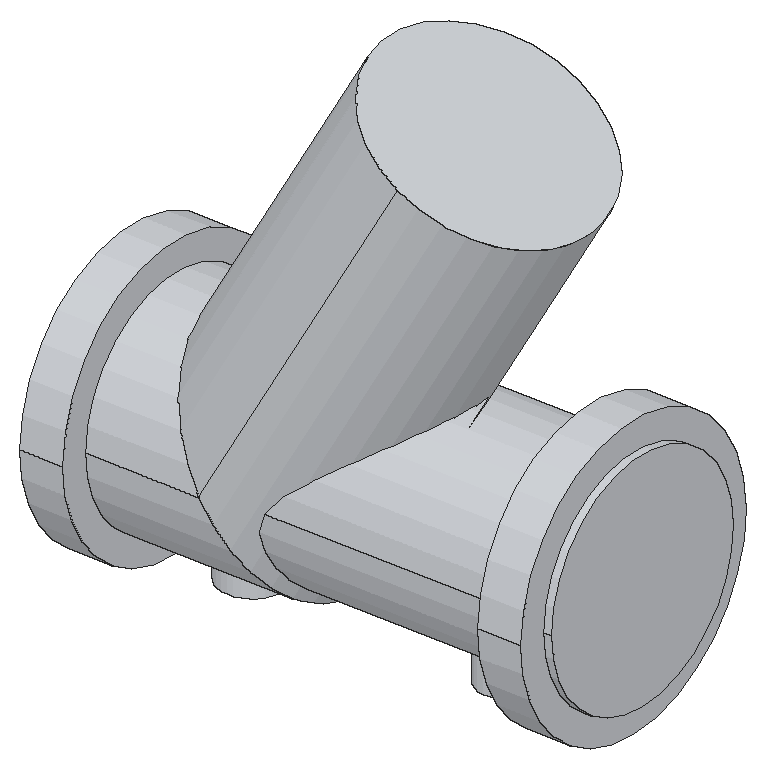
Revit family "HS 821-síto_jemné-PN16-DN300-RFA_2018", category Pipe Accessories, Revit 2018
Family settings
  Round Connector Dimension = Use Diameter
  Part Type = Breaks Into
  Work Plane-Based = No
  Always vertical = Yes
  Cut with Voids When Loaded = No
  Shared = No
Parameters (values of type "821A-DN300-PN16-síto_jemné")
  magiProductId = "9ad0af747269428da925480d83ce80"
  magiProductFamilyId = "79214ac3aaa945e397802f559f5c1e"
  magiPartTypeId = 307
  isMeasuringValve [instance] = no
  ang2D [instance] = 0.00°
  ZB__ve = -ZB  # -71 mm
  ZB1 = 149.85 mm
  ZB = 71 mm
  X2 = 325.914 mm
  X1 = 119 mm
  W2D = 15 mm
  VersionID = "2.0/2017.9.26.1/ZETKAMA_821_001"
  Use Minimum Symbol Size [instance] = yes
  URL = "www.hydronix.cz"
  Type Comments = "Filtr přírubový; síto jemné; A-PN16 (-10~300°C); D-PN25 (-10~350°C); F-PN40 (-10~400°C)"
  S = 370 mm
  QmdConnectorList = "301;D;302;D"
  Productdata [instance] = ""
  Manufacturer = "Hydronix"
  MC Product Code = "210 195 (821A; DN300; PN16; kvs1902,4; oko síta 0,63mm)"
  LM1 = 68 mm
  LM = 680 mm
  L4 = 212.5 mm
  L2D_Min = 3048 mm
  L2D = 130 mm
  L2 = 425 mm
  HH2 = 564.5 mm
  FD = 460 mm
  Description = "Filtr přírubový; síto jemné; 821A-PN16; 821D-PN25; 821F-PN40"
  DM1 = 369.6 mm
  DM = 333 mm
  D = 300 mm
  CC = 14.45 mm
  CAT0 = yes
  C1 = 70.55 mm
  C = 85 mm
  BD = 104.895 mm
Types (40, lengths in mm): name | magiProductId | ZB__ve | ZB1 | ZB | X2 | X1 | S | MC Product Code | LM1 | LM | L4 | L2 | HH2 | FD | DM1 | DM | D | CC | C1 | C | BD
  821A-DN015-PN16-síto_jemné | "a71bcfe8b393460598b23e8ddf7dc5" | -16.25 | 18.63 | 16.25 | 46.982 | 18.2 | 46 | "210 115 (821A; DN015; PN16; kvs6,2; oko síta 0,63mm)" | 10.4 | 104 | 32.5 | 65 | 81.375 | 95 | 27.6 | 41.4 | 15 | 2.21 | 10.79 | 13 | 13.041
  821A-DN020-PN16-síto_jemné | "41cd6c7a12924f4991217528336076" | -17.75 | 22.68 | 17.75 | 51.673 | 21 | 56 | "210 120 (821A; DN020; PN16; kvs9,6; oko síta 0,63mm)" | 12 | 120 | 37.5 | 75 | 89.5 | 105 | 33.6 | 50.4 | 20 | 2.55 | 12.45 | 15 | 15.876
  821A-DN025-PN16-síto_jemné | "be378b463ed14c3abf4c9b3ae8cf3a" | -19.25 | 26.325 | 19.25 | 58.601 | 22.4 | 65 | "210 125 (821A; DN025; PN16; kvs14,2; oko síta 0,63mm)" | 12.8 | 128 | 40 | 80 | 101.5 | 115 | 43.2 | 58.5 | 25 | 2.72 | 13.28 | 16 | 18.427
  821A-DN032-PN16-síto_jemné | "227a0d18b21540afabe8b6067d35fa" | -23 | 30.78 | 23 | 68.849 | 25.2 | 76 | "210 132 (821A; DN032; PN16; kvs23,1; oko síta 0,63mm)" | 14.4 | 144 | 45 | 90 | 119.25 | 140 | 50.4 | 68.4 | 32 | 3.06 | 14.94 | 18 | 21.546
  821A-DN040-PN16-síto_jemné | "d106917c74724141a10440112d0102" | -24.5 | 34.02 | 24.5 | 75.777 | 28 | 84 | "210 140 (821A; DN040; PN16; kvs36,6; oko síta 0,63mm)" | 16 | 160 | 50 | 100 | 131.25 | 150 | 60 | 75.6 | 40 | 3.4 | 16.6 | 20 | 23.814
  821A-DN050-PN16-síto_jemné | "8255d456a09e4f6486734f5dd9171b" | -26.75 | 40.095 | 26.75 | 79.061 | 32.2 | 99 | "210 150 (821A; DN050 PN16; kvs53,7; oko síta 0,63mm)" | 18.4 | 184 | 57.5 | 115 | 136.938 | 165 | 73.8 | 89.1 | 50 | 3.91 | 19.09 | 23 | 28.066
  821A-DN065-PN16-síto_jemné | "235b1b3e4c0843779a4d5e3716d40a" | -29.75 | 47.79 | 29.75 | 86.927 | 40.6 | 118 | "210 165 (821A; DN065; PN16; kvs95,1; oko síta 0,63mm)" | 23.2 | 232 | 72.5 | 145 | 150.562 | 185 | 94.2 | 106.2 | 65 | 4.93 | 24.07 | 29 | 33.453
  821A-DN080-PN16-síto_jemné | "a067f7c5236348ed8c820d16df7214" | -32 | 53.46 | 32 | 104.753 | 43.4 | 132 | "210 180 (821A; DN080; PN16; kvs137,1; oko síta 0,63mm)" | 24.8 | 248 | 77.5 | 155 | 181.438 | 200 | 107.4 | 118.8 | 80 | 5.27 | 25.73 | 31 | 37.422
  821A-DN100-PN16-síto_jemné | "c49a648c2747461285837d643703cd" | -35 | 63.18 | 35 | 114.857 | 49 | 156 | "210 190 (821A; DN100; PN16; kvs206,4; oko síta 0,63mm)" | 28 | 280 | 87.5 | 175 | 198.937 | 220 | 131.4 | 140.4 | 100 | 5.95 | 29.05 | 35 | 44.226
  821A-DN125-PN16-síto_jemné | "bf68e728a163493cbd2a663b26ebdc" | -39.5 | 74.52 | 39.5 | 131.888 | 56 | 184 | "210 191 (821A; DN125; PN16; kvs268,8; oko síta 0,63mm)" | 32 | 320 | 100 | 200 | 228.438 | 250 | 165 | 165.6 | 125 | 6.8 | 33.2 | 40 | 52.164
  821A-DN150-PN16-síto_jemné | "2de770284b654863ae6bc865769dc5" | -44.75 | 85.455 | 44.75 | 155.885 | 67.2 | 211 | "210 192 (821A; DN150; PN16; kvs401,4; oko síta 0,63mm)" | 38.4 | 384 | 120 | 240 | 270 | 285 | 192 | 189.9 | 150 | 8.16 | 39.84 | 48 | 59.818
  821A-DN200-PN16-síto_jemné | "8e5693371ab64aabb29a7f08c76e15" | -53 | 107.73 | 53 | 188.361 | 84 | 266 | "210 193 (821A; DN200; PN16; kvs706,7; oko síta 0,63mm)" | 48 | 480 | 150 | 300 | 326.25 | 340 | 252 | 239.4 | 200 | 10.2 | 49.8 | 60 | 75.411
  821A-DN250-PN16-síto_jemné | "05e37ed948c34047acdd4c42556504" | -62.75 | 129.195 | 62.75 | 255.911 | 102.2 | 319 | "210 194 (821A; DN250; PN16; kvs1229,4; oko síta 0,63mm)" | 58.4 | 584 | 182.5 | 365 | 443.25 | 405 | 309.6 | 287.1 | 250 | 12.41 | 60.59 | 73 | 90.436
  821A-DN300-PN16-síto_jemné | "9ad0af747269428da925480d83ce80" | -71 | 149.85 | 71 | 325.914 | 119 | 370 | "210 195 (821A; DN300; PN16; kvs1902,4; oko síta 0,63mm)" | 68 | 680 | 212.5 | 425 | 564.5 | 460 | 369.6 | 333 | 300 | 14.45 | 70.55 | 85 | 104.895
  821A-DN350-PN16-síto_jemné | "eebc71459bb3451bb4355e7951370a" | -80 | 173.745 | 80 | 356.875 | 137.2 | 429 | "200 196 (821A; DN350; PN16; kvs2611,0; oko síta 0,63mm)" | 78.4 | 784 | 245 | 490 | 618.125 | 520 | 438 | 386.1 | 350 | 16.66 | 81.34 | 98 | 121.621
  821A-DN400-PN16-síto_jemné | "d2f677cb196647e385b2590e7d8abe" | -89 | 194.4 | 89 | 392.237 | 154 | 480 | "210 197 (821A; DN400; PN16; kvs3438,4; oko síta 0,63mm)" | 88 | 880 | 275 | 550 | 679.375 | 580 | 498 | 432 | 400 | 18.7 | 91.3 | 110 | 136.08
  821D-DN015-PN25-síto_jemné | "27ddcbf555414f8ca1fde329bf9087" | -16.25 | 18.63 | 16.25 | 46.982 | 18.2 | 46 | "210 215 (821D; DN015; PN25; kvs6,2; oko síta 0,63mm)" | 10.4 | 104 | 32.5 | 65 | 81.375 | 95 | 27.6 | 41.4 | 15 | 2.21 | 10.79 | 13 | 13.041
  821D-DN020-PN25-síto_jemné | "270e0f14012f47189cd0235c18faee" | -17.75 | 22.68 | 17.75 | 51.673 | 21 | 56 | "210 220 (821D; DN020; PN25; kvs9,6; oko síta 0,63mm)" | 12 | 120 | 37.5 | 75 | 89.5 | 105 | 33.6 | 50.4 | 20 | 2.55 | 12.45 | 15 | 15.876
  821D-DN025-PN25-síto_jemné | "b9a7fb4aa36643878c637d8e1ab992" | -19.25 | 26.325 | 19.25 | 58.601 | 22.4 | 65 | "210 225 (821D; DN025; PN25; kvs14,2; oko síta 0,63mm)" | 12.8 | 128 | 40 | 80 | 101.5 | 115 | 43.2 | 58.5 | 25 | 2.72 | 13.28 | 16 | 18.427
  821D-DN032-PN25-síto_jemné | "6be9a55c4e68400f94eec7e804204c" | -23 | 30.78 | 23 | 68.849 | 25.2 | 76 | "210 232 (821D; DN032; PN25; kvs23,1; oko síta 0,63mm)" | 14.4 | 144 | 45 | 90 | 119.25 | 140 | 50.4 | 68.4 | 32 | 3.06 | 14.94 | 18 | 21.546
  821D-DN040-PN25-síto_jemné | "c54511bd7f584ec2984291479612cb" | -24.5 | 34.02 | 24.5 | 75.777 | 28 | 84 | "210 240 (821D; DN040; PN25; kvs36,6; oko síta 0,63mm)" | 16 | 160 | 50 | 100 | 131.25 | 150 | 60 | 75.6 | 40 | 3.4 | 16.6 | 20 | 23.814
  821D-DN050-PN25-síto_jemné | "5483b1f596b04cd39b23a14a22c90e" | -26.75 | 40.095 | 26.75 | 79.061 | 32.2 | 99 | "210 250 (821D; DN050; PN25; kvs53,7; oko síta 0,63mm)" | 18.4 | 184 | 57.5 | 115 | 136.938 | 165 | 73.8 | 89.1 | 50 | 3.91 | 19.09 | 23 | 28.066
  821D-DN065-PN25-síto_jemné | "767b0f8318e94750bc7a9930ed5b30" | -29.75 | 47.79 | 29.75 | 86.927 | 40.6 | 118 | "210 265 (821D; DN065; PN25; kvs95,1; oko síta 0,63mm)" | 23.2 | 232 | 72.5 | 145 | 150.562 | 185 | 94.2 | 106.2 | 65 | 4.93 | 24.07 | 29 | 33.453
  821D-DN080-PN25-síto_jemné | "e21040fa3cc2404b858198f6b73709" | -32 | 53.46 | 32 | 104.753 | 43.4 | 132 | "210 280 (821D; DN080; PN25; kvs137,1; oko síta 0,63mm)" | 24.8 | 248 | 77.5 | 155 | 181.438 | 200 | 107.4 | 118.8 | 80 | 5.27 | 25.73 | 31 | 37.422
  821D-DN100-PN25-síto_jemné | "175ca87a506b40b3bc6b82f12f33cf" | -37.25 | 63.18 | 37.25 | 114.857 | 49 | 156 | "210 290 (821D; DN100; PN25; kvs206,4; oko síta 0,63mm)" | 28 | 280 | 87.5 | 175 | 198.937 | 235 | 131.4 | 140.4 | 100 | 5.95 | 29.05 | 35 | 44.226
  821D-DN125-PN25-síto_jemné | "77cc98d60da24855999a22dff726b2" | -42.5 | 74.52 | 42.5 | 131.888 | 56 | 184 | "210 291 (821D; DN125; PN25; kvs268,8; oko síta 0,63mm)" | 32 | 320 | 100 | 200 | 228.438 | 270 | 165 | 165.6 | 125 | 6.8 | 33.2 | 40 | 52.164
  821D-DN150-PN25-síto_jemné | "9cf8acfcd15547d68e83172d3abcbe" | -47 | 85.455 | 47 | 155.885 | 67.2 | 211 | "210 292 (821D; DN150; PN25; kvs401,4; oko síta 0,63mm)" | 38.4 | 384 | 120 | 240 | 270 | 300 | 192 | 189.9 | 150 | 8.16 | 39.84 | 48 | 59.818
  821D-DN200-PN25-síto_jemné | "16973f3c9ea14389ba8602495a6b64" | -56 | 110.97 | 56 | 188.361 | 84 | 274 | "210 293 (821D; DN200; PN25; kvs706,7; oko síta 0,63mm)" | 48 | 480 | 150 | 300 | 326.25 | 360 | 252 | 246.6 | 200 | 10.2 | 49.8 | 60 | 77.679
  821F-DN015-PN40-síto_jemné | "4c7eaf3c4c0340888b3e684d8a8616" | -16.25 | 18.225 | 16.25 | 46.982 | 18.2 | 45 | "250 615 (821F; DN015; PN40; kvs6,2; oko síta 0,63mm)" | 10.4 | 104 | 32.5 | 65 | 81.375 | 95 | 27.6 | 40.5 | 15 | 2.21 | 10.79 | 13 | 12.757
  821F-DN020-PN40-síto_jemné | "aaac5f1ec96b44d6ba96ac2293d66d" | -17.75 | 23.49 | 17.75 | 51.673 | 21 | 58 | "250 620 (821F; DN020; PN40; kvs9,6; oko síta 0,63mm)" | 12 | 120 | 37.5 | 75 | 89.5 | 105 | 33.6 | 52.2 | 20 | 2.55 | 12.45 | 15 | 16.443
  821F-DN025-PN40-síto_jemné | "504768023968471481789485b54c7e" | -19.25 | 27.54 | 19.25 | 58.601 | 22.4 | 68 | "250 625 (821F; DN025; PN40; kvs14,2; oko síta 0,63mm)" | 12.8 | 128 | 40 | 80 | 101.5 | 115 | 43.2 | 61.2 | 25 | 2.72 | 13.28 | 16 | 19.278
  821F-DN032-PN40-síto_jemné | "165e7f39cf744f329bdf1c400dad12" | -23 | 31.59 | 23 | 68.849 | 25.2 | 78 | "250 632 (821F; DN032; PN40; kvs23,1; oko síta 0,63mm)" | 14.4 | 144 | 45 | 90 | 119.25 | 140 | 50.4 | 70.2 | 32 | 3.06 | 14.94 | 18 | 22.113
  821F-DN040-PN40-síto_jemné | "b8903f952089408fbf3a5a632bab1f" | -24.5 | 35.64 | 24.5 | 75.777 | 28 | 88 | "250 640 (821F; DN040; PN40; kvs36,6; oko síta 0,63mm)" | 16 | 160 | 50 | 100 | 131.25 | 150 | 60 | 79.2 | 40 | 3.4 | 16.6 | 20 | 24.948
  821F-DN050-PN40-síto_jemné | "c451f97266fe48da8f879cb6a2bd44" | -26.75 | 41.31 | 26.75 | 79.061 | 32.2 | 102 | "250 650 (821F; DN050; PN40; kvs53,7; oko síta 0,63mm)" | 18.4 | 184 | 57.5 | 115 | 136.938 | 165 | 73.8 | 91.8 | 50 | 3.91 | 19.09 | 23 | 28.917
  821F-DN065-PN40-síto_jemné | "dc9821e3f9b34e128f6a8c6b34c198" | -29.75 | 49.41 | 29.75 | 86.927 | 40.6 | 122 | "250 665 (821F; DN065; PN40; kvs95,1; oko síta 0,63mm)" | 23.2 | 232 | 72.5 | 145 | 150.562 | 185 | 94.2 | 109.8 | 65 | 4.93 | 24.07 | 29 | 34.587
  821F-DN080-PN40-síto_jemné | "689aa1e260f84cf4994f027a1d86b5" | -32 | 55.89 | 32 | 104.753 | 43.4 | 138 | "250 680 (821F; DN080; PN40; kvs137,1; oko síta 0,63mm)" | 24.8 | 248 | 77.5 | 155 | 181.438 | 200 | 107.4 | 124.2 | 80 | 5.27 | 25.73 | 31 | 39.123
  821F-DN100-PN40-síto_jemné | "8a45d4e8e2ab425f8c432f21d684f3" | -37.25 | 65.61 | 37.25 | 114.857 | 49 | 162 | "250 690 (821F; DN100; PN40; kvs206,4; oko síta 0,63mm)" | 28 | 280 | 87.5 | 175 | 198.937 | 235 | 131.4 | 145.8 | 100 | 5.95 | 29.05 | 35 | 45.927
  821F-DN125-PN40-síto_jemné | "cf073904c006406b8645afa67ea2fc" | -42.5 | 76.14 | 42.5 | 131.888 | 56 | 188 | "250 691 (821F; DN125; PN40; kvs268,8; oko síta 0,63mm)" | 32 | 320 | 100 | 200 | 228.438 | 270 | 165 | 169.2 | 125 | 6.8 | 33.2 | 40 | 53.298
  821F-DN150-PN40-síto_jemné | "0153b9ddabe14992a630484929fdbc" | -47 | 88.29 | 47 | 155.885 | 67.2 | 218 | "250 692 (821F; DN150; PN40; kvs401,4; oko síta 0,63mm)" | 38.4 | 384 | 120 | 240 | 270 | 300 | 192 | 196.2 | 150 | 8.16 | 39.84 | 48 | 61.803
  821F-DN200-PN40-síto_jemné | "7fb3fc01dd8d42428c203e3f8dd4d5" | -56 | 115.425 | 56 | 188.361 | 84 | 285 | "250 693 (821F; DN200; PN40; kvs706,7; oko síta 0,63mm)" | 48 | 480 | 150 | 300 | 326.25 | 360 | 252 | 256.5 | 200 | 10.2 | 49.8 | 60 | 80.797
Reference planes
  plane 1 "Center (Front/Back)": y = 0
  plane 2 "XYPLANE": z = 0
  plane 3 "Center (Left/Right)": x = 0
  plane 4 "109": x = -272
  plane 5 "108": x = 340
  plane 6 "107": x = -340
  plane 7 "105": x = 425
  plane 8 "104": x = -425
  plane 9 "103": y = 0
  plane 10 "102": z = 0
  plane 11 "101": x = -410.55
  plane 12 "100": x = 410.55
  plane 13 "11": x = -153
  plane 14 "10": z = 564.5
  plane 15 "9": x = 172.914
  plane 16 "5": z = -149.85
  plane 17 "4": x = -212.5
  plane 18 "1": x = 212.5
Forms (mm)
  Extrusion 1, solid, visible <- "CAT0"
    sketch origin (-340, -750, 0) x (0, 1, 0) y (0, 0, 1)
      loop
        circle (750, 0) r 166.5
    from 0 to 680 <- "LM"
  Extrusion 2, solid
    sketch origin (-425, -750, 0) x (0, 1, 0) y (0, 0, 1)
      loop
        circle (750, 0) r 185
    from 0 to 14.45 <- "CC"
  Extrusion 3, solid
    sketch origin (-410.55, -750, 0) x (0, 1, 0) y (0, 0, 1)
      loop
        circle (750, 0) r 230
    from 0 to 70.55 <- "C1"
  Extrusion 4, solid
    sketch origin (340, -750, 0) x (0, 1, 0) y (0, 0, 1)
      loop
        circle (750, 0) r 230
    from 0 to 70.55 <- "C1"
  Extrusion 5, solid
    sketch origin (410.55, -750, 0) x (0, 1, 0) y (0, 0, 1)
      loop
        circle (750, 0) r 185
    from 0 to 14.45 <- "CC"
  Sweep 6, solid, visible <- "CAT0"
    path origin (750, 0, 0) x (-1, 0, 0) y (0, 0, 1)
      loop
        line (1090, 0) -> (903, 0) -> (577.086, 564.5)
    profile origin (-340, 0, 0) x (0, 0, -1) y (0, 1, 0)
      loop
        circle (0, 0) r 184.8
  Extrusion 7, solid, visible <- "CAT0"
    sketch origin (-750, 0, -149.85) x (1, 0, 0) y (0, 1, 0)
      loop
        circle (537.5, 0) r 52.447
    from 0 to -71 <- "ZB__ve"
  Extrusion 8, solid, visible <- "CAT0"
    sketch origin (-750, 0, -149.85) x (1, 0, 0) y (0, 1, 0)
      loop
        circle (962.5, 0) r 52.447
    from 0 to -71 <- "ZB__ve"
  Extrusion 9, solid, not visible
    sketch origin (425, -750, 0) x (0, 1, 0) y (0, 0, 1)
      loop
        circle (750, 0) r 10
    from 0 to -10
  Extrusion 10, solid, not visible
    sketch origin (-425, -750, 0) x (0, 1, 0) y (0, 0, 1)
      loop
        circle (750, 0) r 10
    from 0 to 10
Lines and regions (mm)
  reference lines, not visible
    curve 1: circle (2, 2, 0) r 1 normal (0, 0, 1)
Dimensions and locks
  plane 1 "Center (Front/Back)" to curve 1 = 2 mm
  "LM1": plane 6 "107" to plane 4 "109"
  "LM": plane 6 "107" to plane 5 "108"
  "C": plane 8 "104" to plane 6 "107"
  "L2": plane 3 "Center (Left/Right)" to plane 7 "105"
  "L2": plane 3 "Center (Left/Right)" to plane 8 "104"
  locked: plane 1 "Center (Front/Back)" to plane 9 "103"
  locked: plane 2 "XYPLANE" to plane 10 "102"
  "CC": plane 8 "104" to plane 11 "101"
  "C1": plane 5 "108" to plane 12 "100"
  "X1": plane 4 "109" to plane 13 "11"
  "HH2": plane 2 "XYPLANE" to plane 14 "10"
  "X2": plane 13 "11" to plane 15 "9"
  "ZB1": plane 2 "XYPLANE" to plane 16 "5"
  "L4": plane 8 "104" to plane 17 "4"
  "L2": plane 17 "4" to plane 18 "1"
  Sweep 6 sketch curve to Sweep 6 sketch curve = 0 mm  (x2)
  "DM": diameter of Extrusion 1 sketch curve
  "S": diameter of Extrusion 2 sketch curve
  "FD": diameter of Extrusion 3 sketch curve
  "FD": diameter of Extrusion 4 sketch curve
  "S": diameter of Extrusion 5 sketch curve
  "DM1": diameter of Sweep 6 sketch curve
  "BD": diameter of Extrusion 7 sketch curve
  "BD": diameter of Extrusion 8 sketch curve
  aligned and locked: level to plane 2 "XYPLANE"
  aligned and locked: Extrusion 1 sketch curve to plane 9 "103"
  aligned and locked: plane 10 "102" to Extrusion 1 sketch curve
  aligned and locked: Extrusion 2 sketch curve to plane 9 "103"
  aligned and locked: plane 10 "102" to Extrusion 2 sketch curve
  aligned and locked: Extrusion 3 sketch curve to plane 9 "103"
  aligned and locked: plane 10 "102" to Extrusion 3 sketch curve
  aligned and locked: Extrusion 4 sketch curve to plane 9 "103"
  aligned and locked: plane 10 "102" to Extrusion 4 sketch curve
  aligned and locked: Extrusion 5 sketch curve to plane 9 "103"
  aligned and locked: plane 10 "102" to Extrusion 5 sketch curve
  aligned and locked: Sweep 6 sketch curve to plane 9 "103"
  aligned and locked: plane 10 "102" to Sweep 6 sketch curve  (x3)
  aligned and locked: plane 6 "107" to Sweep 6 sketch curve
  aligned and locked: plane 13 "11" to Sweep 6 sketch curve
  aligned and locked: plane 14 "10" to Sweep 6 sketch curve
  aligned and locked: plane 15 "9" to Sweep 6 sketch curve
  aligned and locked: plane 9 "103" to Extrusion 7 sketch curve
  aligned and locked: plane 17 "4" to Extrusion 7 sketch curve
  aligned and locked: plane 9 "103" to Extrusion 8 sketch curve
  aligned and locked: plane 18 "1" to Extrusion 8 sketch curve
  aligned and locked: Extrusion 9 sketch curve to plane 9 "103"
  aligned and locked: plane 10 "102" to Extrusion 9 sketch curve
  aligned and locked: Extrusion 10 sketch curve to plane 9 "103"
  aligned and locked: plane 10 "102" to Extrusion 10 sketch curve
Automatic sketch dimensions
  plane 1 "Center (Front/Back)" to Extrusion 9 sketch curve = 10 mm
  plane 1 "Center (Front/Back)" to Extrusion 10 sketch curve = 10 mm
  plane 3 "Center (Left/Right)" to curve 1 = 2 mm
  radius of curve 1 = 1 mm
Connectors
  piping at (-425, 0, 0), diameter 300, driven by "D"
    settings: on Extrusion 10, index 1, connector inside diameter 609.6 mm, connector length 0 mm, flow factor 0, pipe flow 0.0 L/s, pressure drop 0.0 Pa, fitting loss kfactor 0, connector angle 0.00°, fixture units 0, engagement length 0 mm, angle of deflection 0.00°, flow configuration 0, flow direction 0, fitting loss method 0, system type 29, joint type 0, gender type 0, connector reference index 2, connector utility 0, adjustable connector no, is connector primary yes, connector description ""
  piping at (425, 0, 0), diameter 300, driven by "D"
    settings: on Extrusion 9, index 2, connector inside diameter 609.6 mm, connector length 0 mm, flow factor 0, pipe flow 0.0 L/s, pressure drop 0.0 Pa, fitting loss kfactor 0, connector angle 0.00°, fixture units 0, engagement length 0 mm, angle of deflection 0.00°, flow configuration 0, flow direction 0, fitting loss method 0, system type 29, joint type 0, gender type 0, connector reference index 1, connector utility 0, adjustable connector no, is connector primary no, connector description ""
